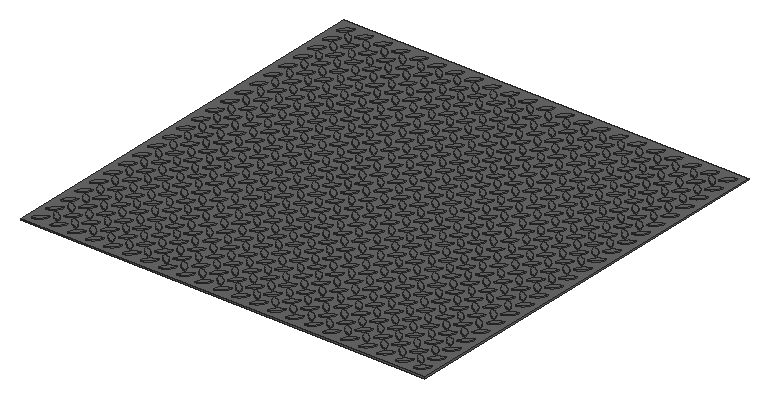
Revit family "141012021113804", category Modelos genéricos, Revit 2018 (continued)
Forms (mm)
  Blend 916, solid, material "Goma negro" <- "Material", detail levels fine
    base sketch origin (133.555, 1250.994, 0) x (0.707107, -0.707107, 0) y (0.707107, 0.707107, 0)
      loop
        arc (794.539, -324.327) -> (799.889, -307.273) -> (794.539, -290.22) r 29.852
        arc (794.539, -290.22) -> (793.684, -289.773) -> (792.83, -290.22) r 1.041
    top sketch origin (133.555, 1250.994, 0) x (0.707107, -0.707107, 0) y (0.707107, 0.707107, 0)
      loop
        arc (792.83, -290.22) -> (787.479, -307.273) -> (792.83, -324.327) r 29.852
        arc (792.83, -324.327) -> (793.684, -324.773) -> (794.539, -324.327) r 1.041
        arc (794.539, -324.327) -> (799.889, -307.273) -> (794.539, -290.22) r 29.852
        arc (794.539, -290.22) -> (793.684, -289.773) -> (792.83, -290.22) r 1.041
    from 0 to 1
  Blend 917, solid, material "Goma negro" <- "Material", detail levels fine
    base sketch origin (88.555, 1250.994, 0) x (0.707107, -0.707107, 0) y (0.707107, 0.707107, 0)
      loop
        arc (792.83, -290.22) -> (787.479, -307.273) -> (792.83, -324.327) r 29.852
        arc (792.83, -324.327) -> (793.684, -324.773) -> (794.539, -324.327) r 1.041
        arc (794.539, -324.327) -> (799.889, -307.273) -> (794.539, -290.22) r 29.852
        arc (794.539, -290.22) -> (793.684, -289.773) -> (792.83, -290.22) r 1.041
    top sketch origin (88.555, 1250.994, 0) x (0.707107, -0.707107, 0) y (0.707107, 0.707107, 0)
      loop
        arc (792.83, -290.22) -> (787.479, -307.273) -> (792.83, -324.327) r 29.852
        arc (792.83, -324.327) -> (793.684, -324.773) -> (794.539, -324.327) r 1.041
        arc (794.539, -324.327) -> (799.889, -307.273) -> (794.539, -290.22) r 29.852
        arc (794.539, -290.22) -> (793.684, -289.773) -> (792.83, -290.22) r 1.041
    from 0 to 1
  Blend 918, solid, material "Goma negro" <- "Material", detail levels fine
    base sketch origin (43.555, 1250.994, 0) x (0.707107, -0.707107, 0) y (0.707107, 0.707107, 0)
      loop
        arc (792.83, -290.22) -> (787.479, -307.273) -> (792.83, -324.327) r 29.852
        arc (792.83, -324.327) -> (793.684, -324.773) -> (794.539, -324.327) r 1.041
        arc (794.539, -324.327) -> (799.889, -307.273) -> (794.539, -290.22) r 29.852
        arc (794.539, -290.22) -> (793.684, -289.773) -> (792.83, -290.22) r 1.041
    top sketch origin (43.555, 1250.994, 0) x (0.707107, -0.707107, 0) y (0.707107, 0.707107, 0)
      loop
        arc (792.83, -290.22) -> (787.479, -307.273) -> (792.83, -324.327) r 29.852
        arc (792.83, -324.327) -> (793.684, -324.773) -> (794.539, -324.327) r 1.041
        arc (794.539, -324.327) -> (799.889, -307.273) -> (794.539, -290.22) r 29.852
        arc (794.539, -290.22) -> (793.684, -289.773) -> (792.83, -290.22) r 1.041
    from 0 to 1
  Blend 919, solid, material "Goma negro" <- "Material", detail levels fine
    base sketch origin (-1.445, 1250.994, 0) x (0.707107, -0.707107, 0) y (0.707107, 0.707107, 0)
      loop
        arc (792.83, -290.22) -> (787.479, -307.273) -> (792.83, -324.327) r 29.852
        arc (792.83, -324.327) -> (793.684, -324.773) -> (794.539, -324.327) r 1.041
        arc (794.539, -324.327) -> (799.889, -307.273) -> (794.539, -290.22) r 29.852
        arc (794.539, -290.22) -> (793.684, -289.773) -> (792.83, -290.22) r 1.041
    top sketch origin (-1.445, 1250.994, 0) x (0.707107, -0.707107, 0) y (0.707107, 0.707107, 0)
      loop
        arc (792.83, -290.22) -> (787.479, -307.273) -> (792.83, -324.327) r 29.852
        arc (792.83, -324.327) -> (793.684, -324.773) -> (794.539, -324.327) r 1.041
        arc (794.539, -324.327) -> (799.889, -307.273) -> (794.539, -290.22) r 29.852
        arc (794.539, -290.22) -> (793.684, -289.773) -> (792.83, -290.22) r 1.041
    from 0 to 1
  Blend 920, solid, material "Goma negro" <- "Material", detail levels fine
    base sketch origin (-46.445, 1250.994, 0) x (0.707107, -0.707107, 0) y (0.707107, 0.707107, 0)
      loop
        arc (792.83, -290.22) -> (787.479, -307.273) -> (792.83, -324.327) r 29.852
        arc (792.83, -324.327) -> (793.684, -324.773) -> (794.539, -324.327) r 1.041
        arc (794.539, -324.327) -> (799.889, -307.273) -> (794.539, -290.22) r 29.852
        arc (794.539, -290.22) -> (793.684, -289.773) -> (792.83, -290.22) r 1.041
    top sketch origin (-46.445, 1250.994, 0) x (0.707107, -0.707107, 0) y (0.707107, 0.707107, 0)
      loop
        arc (792.83, -290.22) -> (787.479, -307.273) -> (792.83, -324.327) r 29.852
        arc (792.83, -324.327) -> (793.684, -324.773) -> (794.539, -324.327) r 1.041
        arc (794.539, -324.327) -> (799.889, -307.273) -> (794.539, -290.22) r 29.852
        arc (794.539, -290.22) -> (793.684, -289.773) -> (792.83, -290.22) r 1.041
    from 0 to 1
  Blend 921, solid, material "Goma negro" <- "Material", detail levels fine
    base sketch origin (-91.445, 1250.994, 0) x (0.707107, -0.707107, 0) y (0.707107, 0.707107, 0)
      loop
        arc (792.83, -290.22) -> (787.479, -307.273) -> (792.83, -324.327) r 29.852
        arc (792.83, -324.327) -> (793.684, -324.773) -> (794.539, -324.327) r 1.041
        arc (794.539, -324.327) -> (799.889, -307.273) -> (794.539, -290.22) r 29.852
        arc (794.539, -290.22) -> (793.684, -289.773) -> (792.83, -290.22) r 1.041
    top sketch origin (-91.445, 1250.994, 0) x (0.707107, -0.707107, 0) y (0.707107, 0.707107, 0)
      loop
        arc (792.83, -290.22) -> (787.479, -307.273) -> (792.83, -324.327) r 29.852
        arc (792.83, -324.327) -> (793.684, -324.773) -> (794.539, -324.327) r 1.041
        arc (794.539, -324.327) -> (799.889, -307.273) -> (794.539, -290.22) r 29.852
        arc (794.539, -290.22) -> (793.684, -289.773) -> (792.83, -290.22) r 1.041
    from 0 to 1
  Blend 922, solid, material "Goma negro" <- "Material", detail levels fine
    base sketch origin (-136.445, 1250.994, 0) x (0.707107, -0.707107, 0) y (0.707107, 0.707107, 0)
      loop
        arc (792.83, -290.22) -> (787.479, -307.273) -> (792.83, -324.327) r 29.852
        arc (792.83, -324.327) -> (793.684, -324.773) -> (794.539, -324.327) r 1.041
        arc (794.539, -324.327) -> (799.889, -307.273) -> (794.539, -290.22) r 29.852
        arc (794.539, -290.22) -> (793.684, -289.773) -> (792.83, -290.22) r 1.041
    top sketch origin (-136.445, 1250.994, 0) x (0.707107, -0.707107, 0) y (0.707107, 0.707107, 0)
      loop
        arc (792.83, -290.22) -> (787.479, -307.273) -> (792.83, -324.327) r 29.852
        arc (792.83, -324.327) -> (793.684, -324.773) -> (794.539, -324.327) r 1.041
        arc (794.539, -324.327) -> (799.889, -307.273) -> (794.539, -290.22) r 29.852
        arc (794.539, -290.22) -> (793.684, -289.773) -> (792.83, -290.22) r 1.041
    from 0 to 1
  Blend 923, solid, material "Goma negro" <- "Material", detail levels fine
    base sketch origin (-181.445, 1250.994, 0) x (0.707107, -0.707107, 0) y (0.707107, 0.707107, 0)
      loop
        arc (792.83, -290.22) -> (787.479, -307.273) -> (792.83, -324.327) r 29.852
        arc (792.83, -324.327) -> (793.684, -324.773) -> (794.539, -324.327) r 1.041
        arc (794.539, -324.327) -> (799.889, -307.273) -> (794.539, -290.22) r 29.852
        arc (794.539, -290.22) -> (793.684, -289.773) -> (792.83, -290.22) r 1.041
    top sketch origin (-181.445, 1250.994, 0) x (0.707107, -0.707107, 0) y (0.707107, 0.707107, 0)
      loop
        arc (792.83, -290.22) -> (787.479, -307.273) -> (792.83, -324.327) r 29.852
        arc (792.83, -324.327) -> (793.684, -324.773) -> (794.539, -324.327) r 1.041
        arc (794.539, -324.327) -> (799.889, -307.273) -> (794.539, -290.22) r 29.852
        arc (794.539, -290.22) -> (793.684, -289.773) -> (792.83, -290.22) r 1.041
    from 0 to 1
  Blend 924, solid, material "Goma negro" <- "Material", detail levels fine
    base sketch origin (-226.445, 1250.994, 0) x (0.707107, -0.707107, 0) y (0.707107, 0.707107, 0)
      loop
        arc (792.83, -290.22) -> (787.479, -307.273) -> (792.83, -324.327) r 29.852
        arc (792.83, -324.327) -> (793.684, -324.773) -> (794.539, -324.327) r 1.041
        arc (794.539, -324.327) -> (799.889, -307.273) -> (794.539, -290.22) r 29.852
        arc (794.539, -290.22) -> (793.684, -289.773) -> (792.83, -290.22) r 1.041
    top sketch origin (-226.445, 1250.994, 0) x (0.707107, -0.707107, 0) y (0.707107, 0.707107, 0)
      loop
        arc (792.83, -290.22) -> (787.479, -307.273) -> (792.83, -324.327) r 29.852
        arc (792.83, -324.327) -> (793.684, -324.773) -> (794.539, -324.327) r 1.041
        arc (794.539, -324.327) -> (799.889, -307.273) -> (794.539, -290.22) r 29.852
        arc (794.539, -290.22) -> (793.684, -289.773) -> (792.83, -290.22) r 1.041
    from 0 to 1
  Blend 925, solid, material "Goma negro" <- "Material", detail levels fine
    base sketch origin (-271.445, 1250.994, 0) x (0.707107, -0.707107, 0) y (0.707107, 0.707107, 0)
      loop
        arc (792.83, -290.22) -> (787.479, -307.273) -> (792.83, -324.327) r 29.852
        arc (792.83, -324.327) -> (793.684, -324.773) -> (794.539, -324.327) r 1.041
        arc (794.539, -324.327) -> (799.889, -307.273) -> (794.539, -290.22) r 29.852
        arc (794.539, -290.22) -> (793.684, -289.773) -> (792.83, -290.22) r 1.041
    top sketch origin (-271.445, 1250.994, 0) x (0.707107, -0.707107, 0) y (0.707107, 0.707107, 0)
      loop
        arc (792.83, -290.22) -> (787.479, -307.273) -> (792.83, -324.327) r 29.852
        arc (792.83, -324.327) -> (793.684, -324.773) -> (794.539, -324.327) r 1.041
        arc (794.539, -324.327) -> (799.889, -307.273) -> (794.539, -290.22) r 29.852
        arc (794.539, -290.22) -> (793.684, -289.773) -> (792.83, -290.22) r 1.041
    from 0 to 1
  Blend 926, solid, material "Goma negro" <- "Material", detail levels fine
    base sketch origin (-316.445, 1250.994, 0) x (0.707107, -0.707107, 0) y (0.707107, 0.707107, 0)
      loop
        arc (792.83, -290.22) -> (787.479, -307.273) -> (792.83, -324.327) r 29.852
        arc (792.83, -324.327) -> (793.684, -324.773) -> (794.539, -324.327) r 1.041
        arc (794.539, -324.327) -> (799.889, -307.273) -> (794.539, -290.22) r 29.852
        arc (794.539, -290.22) -> (793.684, -289.773) -> (792.83, -290.22) r 1.041
    top sketch origin (-316.445, 1250.994, 0) x (0.707107, -0.707107, 0) y (0.707107, 0.707107, 0)
      loop
        arc (792.83, -290.22) -> (787.479, -307.273) -> (792.83, -324.327) r 29.852
        arc (792.83, -324.327) -> (793.684, -324.773) -> (794.539, -324.327) r 1.041
        arc (794.539, -324.327) -> (799.889, -307.273) -> (794.539, -290.22) r 29.852
        arc (794.539, -290.22) -> (793.684, -289.773) -> (792.83, -290.22) r 1.041
    from 0 to 1
Dimensions and locks
  level to plane 4 = 8.00 mm
  equal spacing: plane 6 "3", plane 1 "Center F/B", plane 5 "2"
  "Largo": plane 6 "3" to plane 5 "2"
  "Dimension": plane 7 to plane 3 "Center L/R"
  "Espesor": plane 2 to Extrusion 1 sketch curve
  aligned and locked: plane 6 "3" to Extrusion 1
  aligned and locked: Extrusion 1 to plane 5 "2"
  aligned and locked: Extrusion 1 sketch curve to plane 3 "Center L/R"
  aligned and locked: Extrusion 1 sketch curve to plane 7
Automatic sketch dimensions
  Blend 2 sketch curve to Blend 2 sketch curve = 23.647 mm  (x6)
  Blend 2 sketch curve to Blend 2 sketch curve = 16.459 mm  (x6)
  Blend 2 sketch curve to Blend 2 sketch curve = 0.855 mm  (x2)
  Blend 2 sketch curve to Blend 2 sketch curve = 0.00 mm  (x6)
  Blend 3 sketch curve to Blend 3 sketch curve = 23.647 mm  (x6)
  Blend 3 sketch curve to Blend 3 sketch curve = 16.459 mm  (x6)
  Blend 3 sketch curve to Blend 3 sketch curve = 0.855 mm  (x2)
  Blend 3 sketch curve to Blend 3 sketch curve = 0.00 mm  (x6)
  Blend 4 sketch curve to Blend 4 sketch curve = 23.647 mm  (x6)
  Blend 4 sketch curve to Blend 4 sketch curve = 16.459 mm  (x6)
  Blend 4 sketch curve to Blend 4 sketch curve = 0.855 mm  (x2)
  Blend 4 sketch curve to Blend 4 sketch curve = 0.00 mm  (x6)
  Blend 5 sketch curve to Blend 5 sketch curve = 23.647 mm  (x6)
  Blend 5 sketch curve to Blend 5 sketch curve = 16.459 mm  (x6)
  Blend 5 sketch curve to Blend 5 sketch curve = 0.855 mm  (x2)
  Blend 5 sketch curve to Blend 5 sketch curve = 0.00 mm  (x6)
  Blend 6 sketch curve to Blend 6 sketch curve = 23.647 mm  (x6)
  Blend 6 sketch curve to Blend 6 sketch curve = 16.459 mm  (x6)
  Blend 6 sketch curve to Blend 6 sketch curve = 0.855 mm  (x2)
  Blend 6 sketch curve to Blend 6 sketch curve = 0.00 mm  (x6)
  Blend 7 sketch curve to Blend 7 sketch curve = 23.647 mm  (x6)
  Blend 7 sketch curve to Blend 7 sketch curve = 16.459 mm  (x6)
  Blend 7 sketch curve to Blend 7 sketch curve = 0.855 mm  (x2)
  Blend 7 sketch curve to Blend 7 sketch curve = 0.00 mm  (x6)
  Blend 8 sketch curve to Blend 8 sketch curve = 23.647 mm  (x6)
  Blend 8 sketch curve to Blend 8 sketch curve = 16.459 mm  (x6)
  Blend 8 sketch curve to Blend 8 sketch curve = 0.855 mm  (x2)
  Blend 8 sketch curve to Blend 8 sketch curve = 0.00 mm  (x6)
  Blend 9 sketch curve to Blend 9 sketch curve = 23.647 mm  (x6)
  Blend 9 sketch curve to Blend 9 sketch curve = 16.459 mm  (x6)
  Blend 9 sketch curve to Blend 9 sketch curve = 0.855 mm  (x2)
  Blend 9 sketch curve to Blend 9 sketch curve = 0.00 mm  (x6)
  Blend 10 sketch curve to Blend 10 sketch curve = 23.647 mm  (x6)
  Blend 10 sketch curve to Blend 10 sketch curve = 16.459 mm  (x6)
  Blend 10 sketch curve to Blend 10 sketch curve = 0.855 mm  (x2)
  Blend 10 sketch curve to Blend 10 sketch curve = 0.00 mm  (x6)
  Blend 11 sketch curve to Blend 11 sketch curve = 23.647 mm  (x6)
  Blend 11 sketch curve to Blend 11 sketch curve = 16.459 mm  (x6)
  Blend 11 sketch curve to Blend 11 sketch curve = 0.855 mm  (x2)
  Blend 11 sketch curve to Blend 11 sketch curve = 0.00 mm  (x6)
  Blend 12 sketch curve to Blend 12 sketch curve = 23.647 mm  (x6)
  Blend 12 sketch curve to Blend 12 sketch curve = 16.459 mm  (x6)
  Blend 12 sketch curve to Blend 12 sketch curve = 0.855 mm  (x2)
  Blend 12 sketch curve to Blend 12 sketch curve = 0.00 mm  (x6)
  Blend 13 sketch curve to Blend 13 sketch curve = 23.647 mm  (x6)
  Blend 13 sketch curve to Blend 13 sketch curve = 16.459 mm  (x6)
  Blend 13 sketch curve to Blend 13 sketch curve = 0.855 mm  (x2)
  Blend 13 sketch curve to Blend 13 sketch curve = 0.00 mm  (x6)
  Blend 14 sketch curve to Blend 14 sketch curve = 23.647 mm  (x6)
  Blend 14 sketch curve to Blend 14 sketch curve = 16.459 mm  (x6)
  Blend 14 sketch curve to Blend 14 sketch curve = 0.855 mm  (x2)
  Blend 14 sketch curve to Blend 14 sketch curve = 0.00 mm  (x6)
  Blend 15 sketch curve to Blend 15 sketch curve = 23.647 mm  (x6)
  Blend 15 sketch curve to Blend 15 sketch curve = 16.459 mm  (x6)
  Blend 15 sketch curve to Blend 15 sketch curve = 0.855 mm  (x2)
  Blend 15 sketch curve to Blend 15 sketch curve = 0.00 mm  (x6)
  Blend 16 sketch curve to Blend 16 sketch curve = 23.647 mm  (x6)
  Blend 16 sketch curve to Blend 16 sketch curve = 16.459 mm  (x6)
  Blend 16 sketch curve to Blend 16 sketch curve = 0.855 mm  (x2)
  Blend 16 sketch curve to Blend 16 sketch curve = 0.00 mm  (x6)
  Blend 17 sketch curve to Blend 17 sketch curve = 23.647 mm  (x6)
  Blend 17 sketch curve to Blend 17 sketch curve = 16.459 mm  (x6)
  Blend 17 sketch curve to Blend 17 sketch curve = 0.855 mm  (x2)
  Blend 17 sketch curve to Blend 17 sketch curve = 0.00 mm  (x6)
  Blend 18 sketch curve to Blend 18 sketch curve = 23.647 mm  (x6)
  Blend 18 sketch curve to Blend 18 sketch curve = 16.459 mm  (x6)
  Blend 18 sketch curve to Blend 18 sketch curve = 0.855 mm  (x2)
  Blend 18 sketch curve to Blend 18 sketch curve = 0.00 mm  (x6)
  Blend 19 sketch curve to Blend 19 sketch curve = 23.647 mm  (x6)
  Blend 19 sketch curve to Blend 19 sketch curve = 16.459 mm  (x6)
  Blend 19 sketch curve to Blend 19 sketch curve = 0.855 mm  (x2)
  Blend 19 sketch curve to Blend 19 sketch curve = 0.00 mm  (x6)
  Blend 20 sketch curve to Blend 20 sketch curve = 23.647 mm  (x6)
  Blend 20 sketch curve to Blend 20 sketch curve = 16.459 mm  (x6)
  Blend 20 sketch curve to Blend 20 sketch curve = 0.855 mm  (x2)
  Blend 20 sketch curve to Blend 20 sketch curve = 0.00 mm  (x6)
  Blend 21 sketch curve to Blend 21 sketch curve = 23.647 mm  (x6)
  Blend 21 sketch curve to Blend 21 sketch curve = 16.459 mm  (x6)
  Blend 21 sketch curve to Blend 21 sketch curve = 0.855 mm  (x2)
  Blend 21 sketch curve to Blend 21 sketch curve = 0.00 mm  (x6)
  Blend 22 sketch curve to Blend 22 sketch curve = 23.647 mm  (x6)
  Blend 22 sketch curve to Blend 22 sketch curve = 16.459 mm  (x6)
  Blend 22 sketch curve to Blend 22 sketch curve = 0.855 mm  (x2)
  Blend 22 sketch curve to Blend 22 sketch curve = 0.00 mm  (x6)
  Blend 23 sketch curve to Blend 23 sketch curve = 23.647 mm  (x6)
  Blend 23 sketch curve to Blend 23 sketch curve = 16.459 mm  (x6)
  Blend 23 sketch curve to Blend 23 sketch curve = 0.855 mm  (x2)
  Blend 23 sketch curve to Blend 23 sketch curve = 0.00 mm  (x6)
  Blend 24 sketch curve to Blend 24 sketch curve = 23.647 mm  (x6)
  Blend 24 sketch curve to Blend 24 sketch curve = 16.459 mm  (x6)
  Blend 24 sketch curve to Blend 24 sketch curve = 0.855 mm  (x2)
  Blend 24 sketch curve to Blend 24 sketch curve = 0.00 mm  (x6)
  Blend 25 sketch curve to Blend 25 sketch curve = 23.647 mm  (x6)
  Blend 25 sketch curve to Blend 25 sketch curve = 16.459 mm  (x6)
  Blend 25 sketch curve to Blend 25 sketch curve = 0.855 mm  (x2)
  Blend 25 sketch curve to Blend 25 sketch curve = 0.00 mm  (x6)
  Blend 26 sketch curve to Blend 26 sketch curve = 23.647 mm  (x6)
  Blend 26 sketch curve to Blend 26 sketch curve = 16.459 mm  (x6)
  Blend 26 sketch curve to Blend 26 sketch curve = 0.855 mm  (x2)
  Blend 26 sketch curve to Blend 26 sketch curve = 0.00 mm  (x6)
  Blend 27 sketch curve to Blend 27 sketch curve = 23.647 mm  (x6)
  Blend 27 sketch curve to Blend 27 sketch curve = 16.459 mm  (x6)
  Blend 27 sketch curve to Blend 27 sketch curve = 0.855 mm  (x2)
  Blend 27 sketch curve to Blend 27 sketch curve = 0.00 mm  (x6)
  Blend 28 sketch curve to Blend 28 sketch curve = 23.647 mm  (x6)
  Blend 28 sketch curve to Blend 28 sketch curve = 16.459 mm  (x6)
  Blend 28 sketch curve to Blend 28 sketch curve = 0.855 mm  (x2)
  Blend 28 sketch curve to Blend 28 sketch curve = 0.00 mm  (x6)
  Blend 29 sketch curve to Blend 29 sketch curve = 23.647 mm  (x6)
  Blend 29 sketch curve to Blend 29 sketch curve = 16.459 mm  (x6)
  Blend 29 sketch curve to Blend 29 sketch curve = 0.855 mm  (x2)
  Blend 29 sketch curve to Blend 29 sketch curve = 0.00 mm  (x6)
  Blend 30 sketch curve to Blend 30 sketch curve = 23.647 mm  (x6)
  Blend 30 sketch curve to Blend 30 sketch curve = 16.459 mm  (x6)
  Blend 30 sketch curve to Blend 30 sketch curve = 0.855 mm  (x2)
  Blend 30 sketch curve to Blend 30 sketch curve = 0.00 mm  (x6)
  Blend 31 sketch curve to Blend 31 sketch curve = 23.647 mm  (x6)
  Blend 31 sketch curve to Blend 31 sketch curve = 16.459 mm  (x6)
  Blend 31 sketch curve to Blend 31 sketch curve = 0.855 mm  (x2)
  Blend 31 sketch curve to Blend 31 sketch curve = 0.00 mm  (x6)
  Blend 32 sketch curve to Blend 32 sketch curve = 23.647 mm  (x6)
  Blend 32 sketch curve to Blend 32 sketch curve = 16.459 mm  (x6)
  Blend 32 sketch curve to Blend 32 sketch curve = 0.855 mm  (x2)
  Blend 32 sketch curve to Blend 32 sketch curve = 0.00 mm  (x6)
  Blend 33 sketch curve to Blend 33 sketch curve = 23.647 mm  (x6)
  Blend 33 sketch curve to Blend 33 sketch curve = 16.459 mm  (x6)
  Blend 33 sketch curve to Blend 33 sketch curve = 0.855 mm  (x2)
  Blend 33 sketch curve to Blend 33 sketch curve = 0.00 mm  (x6)
  Blend 34 sketch curve to Blend 34 sketch curve = 23.647 mm  (x6)
  Blend 34 sketch curve to Blend 34 sketch curve = 16.459 mm  (x6)
  Blend 34 sketch curve to Blend 34 sketch curve = 0.855 mm  (x2)
  Blend 34 sketch curve to Blend 34 sketch curve = 0.00 mm  (x6)
  Blend 35 sketch curve to Blend 35 sketch curve = 23.647 mm  (x6)
  Blend 35 sketch curve to Blend 35 sketch curve = 16.459 mm  (x6)
  Blend 35 sketch curve to Blend 35 sketch curve = 0.855 mm  (x2)
  Blend 35 sketch curve to Blend 35 sketch curve = 0.00 mm  (x6)
  Blend 36 sketch curve to Blend 36 sketch curve = 23.647 mm  (x6)
  Blend 36 sketch curve to Blend 36 sketch curve = 16.459 mm  (x6)
  Blend 36 sketch curve to Blend 36 sketch curve = 0.855 mm  (x2)
  Blend 36 sketch curve to Blend 36 sketch curve = 0.00 mm  (x6)
  Blend 37 sketch curve to Blend 37 sketch curve = 23.647 mm  (x6)
  Blend 37 sketch curve to Blend 37 sketch curve = 16.459 mm  (x6)
  Blend 37 sketch curve to Blend 37 sketch curve = 0.855 mm  (x2)
  Blend 37 sketch curve to Blend 37 sketch curve = 0.00 mm  (x6)
  Blend 38 sketch curve to Blend 38 sketch curve = 23.647 mm  (x6)
  Blend 38 sketch curve to Blend 38 sketch curve = 16.459 mm  (x6)
  Blend 38 sketch curve to Blend 38 sketch curve = 0.855 mm  (x2)
  Blend 38 sketch curve to Blend 38 sketch curve = 0.00 mm  (x6)
  Blend 39 sketch curve to Blend 39 sketch curve = 23.647 mm  (x6)
  Blend 39 sketch curve to Blend 39 sketch curve = 16.459 mm  (x6)
  Blend 39 sketch curve to Blend 39 sketch curve = 0.855 mm  (x2)
  Blend 39 sketch curve to Blend 39 sketch curve = 0.00 mm  (x6)
  Blend 40 sketch curve to Blend 40 sketch curve = 23.647 mm  (x6)
  Blend 40 sketch curve to Blend 40 sketch curve = 16.459 mm  (x6)
  Blend 40 sketch curve to Blend 40 sketch curve = 0.855 mm  (x2)
  Blend 40 sketch curve to Blend 40 sketch curve = 0.00 mm  (x6)
  Blend 41 sketch curve to Blend 41 sketch curve = 23.647 mm  (x6)
  Blend 41 sketch curve to Blend 41 sketch curve = 16.459 mm  (x6)
  Blend 41 sketch curve to Blend 41 sketch curve = 0.855 mm  (x2)
  Blend 41 sketch curve to Blend 41 sketch curve = 0.00 mm  (x6)
  Blend 42 sketch curve to Blend 42 sketch curve = 23.647 mm  (x6)
  Blend 42 sketch curve to Blend 42 sketch curve = 16.459 mm  (x6)
  Blend 42 sketch curve to Blend 42 sketch curve = 0.855 mm  (x2)
  Blend 42 sketch curve to Blend 42 sketch curve = 0.00 mm  (x6)
  Blend 43 sketch curve to Blend 43 sketch curve = 23.647 mm  (x6)
  Blend 43 sketch curve to Blend 43 sketch curve = 16.459 mm  (x6)
  Blend 43 sketch curve to Blend 43 sketch curve = 0.855 mm  (x2)
  Blend 43 sketch curve to Blend 43 sketch curve = 0.00 mm  (x6)
  Blend 44 sketch curve to Blend 44 sketch curve = 23.647 mm  (x6)
  Blend 44 sketch curve to Blend 44 sketch curve = 16.459 mm  (x6)
  Blend 44 sketch curve to Blend 44 sketch curve = 0.855 mm  (x2)
  Blend 44 sketch curve to Blend 44 sketch curve = 0.00 mm  (x6)
  Blend 45 sketch curve to Blend 45 sketch curve = 23.647 mm  (x6)
  Blend 45 sketch curve to Blend 45 sketch curve = 16.459 mm  (x6)
  Blend 45 sketch curve to Blend 45 sketch curve = 0.855 mm  (x2)
  Blend 45 sketch curve to Blend 45 sketch curve = 0.00 mm  (x6)
  Blend 46 sketch curve to Blend 46 sketch curve = 23.647 mm  (x6)
  Blend 46 sketch curve to Blend 46 sketch curve = 16.459 mm  (x6)
  Blend 46 sketch curve to Blend 46 sketch curve = 0.855 mm  (x2)
  Blend 46 sketch curve to Blend 46 sketch curve = 0.00 mm  (x6)
  Blend 47 sketch curve to Blend 47 sketch curve = 23.647 mm  (x6)
  Blend 47 sketch curve to Blend 47 sketch curve = 16.459 mm  (x6)
  Blend 47 sketch curve to Blend 47 sketch curve = 0.855 mm  (x2)
  Blend 47 sketch curve to Blend 47 sketch curve = 0.00 mm  (x6)
  Blend 48 sketch curve to Blend 48 sketch curve = 23.647 mm  (x6)
  Blend 48 sketch curve to Blend 48 sketch curve = 16.459 mm  (x6)
  Blend 48 sketch curve to Blend 48 sketch curve = 0.855 mm  (x2)
  Blend 48 sketch curve to Blend 48 sketch curve = 0.00 mm  (x6)
  Blend 49 sketch curve to Blend 49 sketch curve = 23.647 mm  (x6)
  Blend 49 sketch curve to Blend 49 sketch curve = 16.459 mm  (x6)
  Blend 49 sketch curve to Blend 49 sketch curve = 0.855 mm  (x2)
  Blend 49 sketch curve to Blend 49 sketch curve = 0.00 mm  (x6)
  Blend 50 sketch curve to Blend 50 sketch curve = 23.647 mm  (x6)
  Blend 50 sketch curve to Blend 50 sketch curve = 16.459 mm  (x6)
  Blend 50 sketch curve to Blend 50 sketch curve = 0.855 mm  (x2)
  Blend 50 sketch curve to Blend 50 sketch curve = 0.00 mm  (x6)
  Blend 51 sketch curve to Blend 51 sketch curve = 23.647 mm  (x6)
  Blend 51 sketch curve to Blend 51 sketch curve = 16.459 mm  (x6)
  Blend 51 sketch curve to Blend 51 sketch curve = 0.855 mm  (x2)
  Blend 51 sketch curve to Blend 51 sketch curve = 0.00 mm  (x6)
  Blend 52 sketch curve to Blend 52 sketch curve = 23.647 mm  (x6)
  Blend 52 sketch curve to Blend 52 sketch curve = 16.459 mm  (x6)
  Blend 52 sketch curve to Blend 52 sketch curve = 0.855 mm  (x2)
  Blend 52 sketch curve to Blend 52 sketch curve = 0.00 mm  (x6)
  Blend 53 sketch curve to Blend 53 sketch curve = 23.647 mm  (x6)
  Blend 53 sketch curve to Blend 53 sketch curve = 16.459 mm  (x6)
  Blend 53 sketch curve to Blend 53 sketch curve = 0.855 mm  (x2)
  Blend 53 sketch curve to Blend 53 sketch curve = 0.00 mm  (x6)
  Blend 54 sketch curve to Blend 54 sketch curve = 23.647 mm  (x6)
  Blend 54 sketch curve to Blend 54 sketch curve = 16.459 mm  (x6)
  Blend 54 sketch curve to Blend 54 sketch curve = 0.855 mm  (x2)
  Blend 54 sketch curve to Blend 54 sketch curve = 0.00 mm  (x6)
  Blend 55 sketch curve to Blend 55 sketch curve = 23.647 mm  (x6)
  Blend 55 sketch curve to Blend 55 sketch curve = 16.459 mm  (x6)
  Blend 55 sketch curve to Blend 55 sketch curve = 0.855 mm  (x2)
  Blend 55 sketch curve to Blend 55 sketch curve = 0.00 mm  (x6)
  Blend 56 sketch curve to Blend 56 sketch curve = 23.647 mm  (x6)
  Blend 56 sketch curve to Blend 56 sketch curve = 16.459 mm  (x6)
  Blend 56 sketch curve to Blend 56 sketch curve = 0.855 mm  (x2)
  Blend 56 sketch curve to Blend 56 sketch curve = 0.00 mm  (x6)
  Blend 57 sketch curve to Blend 57 sketch curve = 23.647 mm  (x6)
  Blend 57 sketch curve to Blend 57 sketch curve = 16.459 mm  (x6)
  Blend 57 sketch curve to Blend 57 sketch curve = 0.855 mm  (x2)
  Blend 57 sketch curve to Blend 57 sketch curve = 0.00 mm  (x6)
  Blend 58 sketch curve to Blend 58 sketch curve = 23.647 mm  (x6)
  Blend 58 sketch curve to Blend 58 sketch curve = 16.459 mm  (x6)
  Blend 58 sketch curve to Blend 58 sketch curve = 0.855 mm  (x2)
  Blend 58 sketch curve to Blend 58 sketch curve = 0.00 mm  (x6)
  Blend 59 sketch curve to Blend 59 sketch curve = 23.647 mm  (x6)
  Blend 59 sketch curve to Blend 59 sketch curve = 16.459 mm  (x6)
  Blend 59 sketch curve to Blend 59 sketch curve = 0.855 mm  (x2)
  Blend 59 sketch curve to Blend 59 sketch curve = 0.00 mm  (x6)
  Blend 60 sketch curve to Blend 60 sketch curve = 23.647 mm  (x6)
  Blend 60 sketch curve to Blend 60 sketch curve = 16.459 mm  (x6)
  Blend 60 sketch curve to Blend 60 sketch curve = 0.855 mm  (x2)
  Blend 60 sketch curve to Blend 60 sketch curve = 0.00 mm  (x6)
  Blend 61 sketch curve to Blend 61 sketch curve = 23.647 mm  (x6)
  Blend 61 sketch curve to Blend 61 sketch curve = 16.459 mm  (x6)
  Blend 61 sketch curve to Blend 61 sketch curve = 0.855 mm  (x2)
  Blend 61 sketch curve to Blend 61 sketch curve = 0.00 mm  (x6)
  Blend 62 sketch curve to Blend 62 sketch curve = 23.647 mm  (x6)
  Blend 62 sketch curve to Blend 62 sketch curve = 16.459 mm  (x6)
  Blend 62 sketch curve to Blend 62 sketch curve = 0.855 mm  (x2)
  Blend 62 sketch curve to Blend 62 sketch curve = 0.00 mm  (x6)
  Blend 63 sketch curve to Blend 63 sketch curve = 23.647 mm  (x6)
  Blend 63 sketch curve to Blend 63 sketch curve = 16.459 mm  (x6)
  Blend 63 sketch curve to Blend 63 sketch curve = 0.855 mm  (x2)
  Blend 63 sketch curve to Blend 63 sketch curve = 0.00 mm  (x6)
  Blend 64 sketch curve to Blend 64 sketch curve = 23.647 mm  (x6)
  Blend 64 sketch curve to Blend 64 sketch curve = 16.459 mm  (x6)
  Blend 64 sketch curve to Blend 64 sketch curve = 0.855 mm  (x2)
  Blend 64 sketch curve to Blend 64 sketch curve = 0.00 mm  (x6)
  Blend 65 sketch curve to Blend 65 sketch curve = 23.647 mm  (x6)
  Blend 65 sketch curve to Blend 65 sketch curve = 16.459 mm  (x6)
  Blend 65 sketch curve to Blend 65 sketch curve = 0.855 mm  (x2)
  Blend 65 sketch curve to Blend 65 sketch curve = 0.00 mm  (x6)
  Blend 66 sketch curve to Blend 66 sketch curve = 23.647 mm  (x6)
  Blend 66 sketch curve to Blend 66 sketch curve = 16.459 mm  (x6)
  Blend 66 sketch curve to Blend 66 sketch curve = 0.855 mm  (x2)
  Blend 66 sketch curve to Blend 66 sketch curve = 0.00 mm  (x6)
  Blend 67 sketch curve to Blend 67 sketch curve = 23.647 mm  (x6)
  Blend 67 sketch curve to Blend 67 sketch curve = 16.459 mm  (x6)
  Blend 67 sketch curve to Blend 67 sketch curve = 0.855 mm  (x2)
  Blend 67 sketch curve to Blend 67 sketch curve = 0.00 mm  (x6)
  Blend 68 sketch curve to Blend 68 sketch curve = 23.647 mm  (x6)
  Blend 68 sketch curve to Blend 68 sketch curve = 16.459 mm  (x6)
  Blend 68 sketch curve to Blend 68 sketch curve = 0.855 mm  (x2)
  Blend 68 sketch curve to Blend 68 sketch curve = 0.00 mm  (x6)
  Blend 69 sketch curve to Blend 69 sketch curve = 23.647 mm  (x6)
  Blend 69 sketch curve to Blend 69 sketch curve = 16.459 mm  (x6)
  Blend 69 sketch curve to Blend 69 sketch curve = 0.855 mm  (x2)
  Blend 69 sketch curve to Blend 69 sketch curve = 0.00 mm  (x6)
  Blend 70 sketch curve to Blend 70 sketch curve = 23.647 mm  (x6)
  Blend 70 sketch curve to Blend 70 sketch curve = 16.459 mm  (x6)
  Blend 70 sketch curve to Blend 70 sketch curve = 0.855 mm  (x2)
  Blend 70 sketch curve to Blend 70 sketch curve = 0.00 mm  (x6)
  Blend 71 sketch curve to Blend 71 sketch curve = 23.647 mm  (x6)
  Blend 71 sketch curve to Blend 71 sketch curve = 16.459 mm  (x6)
  Blend 71 sketch curve to Blend 71 sketch curve = 0.855 mm  (x2)
  Blend 71 sketch curve to Blend 71 sketch curve = 0.00 mm  (x6)
  Blend 72 sketch curve to Blend 72 sketch curve = 23.647 mm  (x6)
  Blend 72 sketch curve to Blend 72 sketch curve = 16.459 mm  (x6)
  Blend 72 sketch curve to Blend 72 sketch curve = 0.855 mm  (x2)
  Blend 72 sketch curve to Blend 72 sketch curve = 0.00 mm  (x6)
  Blend 73 sketch curve to Blend 73 sketch curve = 23.647 mm  (x6)
  Blend 73 sketch curve to Blend 73 sketch curve = 16.459 mm  (x6)
  Blend 73 sketch curve to Blend 73 sketch curve = 0.855 mm  (x2)
  Blend 73 sketch curve to Blend 73 sketch curve = 0.00 mm  (x6)
  Blend 74 sketch curve to Blend 74 sketch curve = 23.647 mm  (x6)
  Blend 74 sketch curve to Blend 74 sketch curve = 16.459 mm  (x6)
  Blend 74 sketch curve to Blend 74 sketch curve = 0.855 mm  (x2)
  Blend 74 sketch curve to Blend 74 sketch curve = 0.00 mm  (x6)
  Blend 75 sketch curve to Blend 75 sketch curve = 23.647 mm  (x6)
  Blend 75 sketch curve to Blend 75 sketch curve = 16.459 mm  (x6)
  Blend 75 sketch curve to Blend 75 sketch curve = 0.855 mm  (x2)
  Blend 75 sketch curve to Blend 75 sketch curve = 0.00 mm  (x6)
  Blend 76 sketch curve to Blend 76 sketch curve = 23.647 mm  (x6)
  Blend 76 sketch curve to Blend 76 sketch curve = 16.459 mm  (x6)
  Blend 76 sketch curve to Blend 76 sketch curve = 0.855 mm  (x2)
  Blend 76 sketch curve to Blend 76 sketch curve = 0.00 mm  (x6)
  Blend 77 sketch curve to Blend 77 sketch curve = 23.647 mm  (x6)
  Blend 77 sketch curve to Blend 77 sketch curve = 16.459 mm  (x6)
  Blend 77 sketch curve to Blend 77 sketch curve = 0.855 mm  (x2)
  Blend 77 sketch curve to Blend 77 sketch curve = 0.00 mm  (x6)
  Blend 78 sketch curve to Blend 78 sketch curve = 23.647 mm  (x6)
  Blend 78 sketch curve to Blend 78 sketch curve = 16.459 mm  (x6)
  Blend 78 sketch curve to Blend 78 sketch curve = 0.855 mm  (x2)
  Blend 78 sketch curve to Blend 78 sketch curve = 0.00 mm  (x6)
  Blend 79 sketch curve to Blend 79 sketch curve = 23.647 mm  (x6)
  Blend 79 sketch curve to Blend 79 sketch curve = 16.459 mm  (x6)
  Blend 79 sketch curve to Blend 79 sketch curve = 0.855 mm  (x2)
  Blend 79 sketch curve to Blend 79 sketch curve = 0.00 mm  (x6)
  Blend 80 sketch curve to Blend 80 sketch curve = 23.647 mm  (x6)
  Blend 80 sketch curve to Blend 80 sketch curve = 16.459 mm  (x6)
  Blend 80 sketch curve to Blend 80 sketch curve = 0.855 mm  (x2)
  Blend 80 sketch curve to Blend 80 sketch curve = 0.00 mm  (x6)
  Blend 81 sketch curve to Blend 81 sketch curve = 23.647 mm  (x6)
  Blend 81 sketch curve to Blend 81 sketch curve = 16.459 mm  (x6)
  Blend 81 sketch curve to Blend 81 sketch curve = 0.855 mm  (x2)
  Blend 81 sketch curve to Blend 81 sketch curve = 0.00 mm  (x6)
  Blend 82 sketch curve to Blend 82 sketch curve = 23.647 mm  (x6)
  Blend 82 sketch curve to Blend 82 sketch curve = 16.459 mm  (x6)
  Blend 82 sketch curve to Blend 82 sketch curve = 0.855 mm  (x2)
  Blend 82 sketch curve to Blend 82 sketch curve = 0.00 mm  (x6)
  Blend 83 sketch curve to Blend 83 sketch curve = 23.647 mm  (x6)
  Blend 83 sketch curve to Blend 83 sketch curve = 16.459 mm  (x6)
  Blend 83 sketch curve to Blend 83 sketch curve = 0.855 mm  (x2)
  Blend 83 sketch curve to Blend 83 sketch curve = 0.00 mm  (x6)
  Blend 84 sketch curve to Blend 84 sketch curve = 23.647 mm  (x6)
  Blend 84 sketch curve to Blend 84 sketch curve = 16.459 mm  (x6)
  Blend 84 sketch curve to Blend 84 sketch curve = 0.855 mm  (x2)
  Blend 84 sketch curve to Blend 84 sketch curve = 0.00 mm  (x6)
  Blend 85 sketch curve to Blend 85 sketch curve = 23.647 mm  (x6)
  Blend 85 sketch curve to Blend 85 sketch curve = 16.459 mm  (x6)
  Blend 85 sketch curve to Blend 85 sketch curve = 0.855 mm  (x2)
  Blend 85 sketch curve to Blend 85 sketch curve = 0.00 mm  (x6)
  Blend 86 sketch curve to Blend 86 sketch curve = 23.647 mm  (x6)
  Blend 86 sketch curve to Blend 86 sketch curve = 16.459 mm  (x6)
  Blend 86 sketch curve to Blend 86 sketch curve = 0.855 mm  (x2)
  Blend 86 sketch curve to Blend 86 sketch curve = 0.00 mm  (x6)
  Blend 87 sketch curve to Blend 87 sketch curve = 23.647 mm  (x6)
  Blend 87 sketch curve to Blend 87 sketch curve = 16.459 mm  (x6)
  Blend 87 sketch curve to Blend 87 sketch curve = 0.855 mm  (x2)
  Blend 87 sketch curve to Blend 87 sketch curve = 0.00 mm  (x6)
  Blend 88 sketch curve to Blend 88 sketch curve = 23.647 mm  (x6)
  Blend 88 sketch curve to Blend 88 sketch curve = 16.459 mm  (x6)
  Blend 88 sketch curve to Blend 88 sketch curve = 0.855 mm  (x2)
  Blend 88 sketch curve to Blend 88 sketch curve = 0.00 mm  (x6)
  Blend 89 sketch curve to Blend 89 sketch curve = 23.647 mm  (x6)
  Blend 89 sketch curve to Blend 89 sketch curve = 16.459 mm  (x6)
  Blend 89 sketch curve to Blend 89 sketch curve = 0.855 mm  (x2)
  Blend 89 sketch curve to Blend 89 sketch curve = 0.00 mm  (x6)
  Blend 90 sketch curve to Blend 90 sketch curve = 23.647 mm  (x6)
  Blend 90 sketch curve to Blend 90 sketch curve = 16.459 mm  (x6)
  Blend 90 sketch curve to Blend 90 sketch curve = 0.855 mm  (x2)
  Blend 90 sketch curve to Blend 90 sketch curve = 0.00 mm  (x6)
  Blend 91 sketch curve to Blend 91 sketch curve = 23.647 mm  (x6)
  Blend 91 sketch curve to Blend 91 sketch curve = 16.459 mm  (x6)
  Blend 91 sketch curve to Blend 91 sketch curve = 0.855 mm  (x2)
  Blend 91 sketch curve to Blend 91 sketch curve = 0.00 mm  (x6)
  Blend 92 sketch curve to Blend 92 sketch curve = 23.647 mm  (x6)
  Blend 92 sketch curve to Blend 92 sketch curve = 16.459 mm  (x6)
  Blend 92 sketch curve to Blend 92 sketch curve = 0.855 mm  (x2)
  Blend 92 sketch curve to Blend 92 sketch curve = 0.00 mm  (x6)
  Blend 93 sketch curve to Blend 93 sketch curve = 23.647 mm  (x6)
  Blend 93 sketch curve to Blend 93 sketch curve = 16.459 mm  (x6)
  Blend 93 sketch curve to Blend 93 sketch curve = 0.855 mm  (x2)
  Blend 93 sketch curve to Blend 93 sketch curve = 0.00 mm  (x6)
  Blend 94 sketch curve to Blend 94 sketch curve = 23.647 mm  (x6)
  Blend 94 sketch curve to Blend 94 sketch curve = 16.459 mm  (x6)
  Blend 94 sketch curve to Blend 94 sketch curve = 0.855 mm  (x2)
  Blend 94 sketch curve to Blend 94 sketch curve = 0.00 mm  (x6)
  Blend 95 sketch curve to Blend 95 sketch curve = 23.647 mm  (x6)
  Blend 95 sketch curve to Blend 95 sketch curve = 16.459 mm  (x6)
  Blend 95 sketch curve to Blend 95 sketch curve = 0.855 mm  (x2)
  Blend 95 sketch curve to Blend 95 sketch curve = 0.00 mm  (x6)
  Blend 96 sketch curve to Blend 96 sketch curve = 23.647 mm  (x6)
  Blend 96 sketch curve to Blend 96 sketch curve = 16.459 mm  (x6)
  Blend 96 sketch curve to Blend 96 sketch curve = 0.855 mm  (x2)
  Blend 96 sketch curve to Blend 96 sketch curve = 0.00 mm  (x6)
  Blend 97 sketch curve to Blend 97 sketch curve = 23.647 mm  (x6)
  Blend 97 sketch curve to Blend 97 sketch curve = 16.459 mm  (x6)
  Blend 97 sketch curve to Blend 97 sketch curve = 0.855 mm  (x2)
  Blend 97 sketch curve to Blend 97 sketch curve = 0.00 mm  (x6)
  Blend 98 sketch curve to Blend 98 sketch curve = 23.647 mm  (x6)
  Blend 98 sketch curve to Blend 98 sketch curve = 16.459 mm  (x6)
  Blend 98 sketch curve to Blend 98 sketch curve = 0.855 mm  (x2)
  Blend 98 sketch curve to Blend 98 sketch curve = 0.00 mm  (x6)
  Blend 99 sketch curve to Blend 99 sketch curve = 23.647 mm  (x6)
  Blend 99 sketch curve to Blend 99 sketch curve = 16.459 mm  (x6)
  Blend 99 sketch curve to Blend 99 sketch curve = 0.855 mm  (x2)
  Blend 99 sketch curve to Blend 99 sketch curve = 0.00 mm  (x6)
  Blend 100 sketch curve to Blend 100 sketch curve = 23.647 mm  (x6)
  Blend 100 sketch curve to Blend 100 sketch curve = 16.459 mm  (x6)
  Blend 100 sketch curve to Blend 100 sketch curve = 0.855 mm  (x2)
  Blend 100 sketch curve to Blend 100 sketch curve = 0.00 mm  (x6)
  Blend 101 sketch curve to Blend 101 sketch curve = 23.647 mm  (x6)
  Blend 101 sketch curve to Blend 101 sketch curve = 16.459 mm  (x6)
  Blend 101 sketch curve to Blend 101 sketch curve = 0.855 mm  (x2)
  Blend 101 sketch curve to Blend 101 sketch curve = 0.00 mm  (x6)
  Blend 102 sketch curve to Blend 102 sketch curve = 23.647 mm  (x6)
  Blend 102 sketch curve to Blend 102 sketch curve = 16.459 mm  (x6)
  Blend 102 sketch curve to Blend 102 sketch curve = 0.855 mm  (x2)
  Blend 102 sketch curve to Blend 102 sketch curve = 0.00 mm  (x6)
  Blend 103 sketch curve to Blend 103 sketch curve = 23.647 mm  (x6)
  Blend 103 sketch curve to Blend 103 sketch curve = 16.459 mm  (x6)
  Blend 103 sketch curve to Blend 103 sketch curve = 0.855 mm  (x2)
  Blend 103 sketch curve to Blend 103 sketch curve = 0.00 mm  (x6)
  Blend 104 sketch curve to Blend 104 sketch curve = 23.647 mm  (x6)
  Blend 104 sketch curve to Blend 104 sketch curve = 16.459 mm  (x6)
  Blend 104 sketch curve to Blend 104 sketch curve = 0.855 mm  (x2)
  Blend 104 sketch curve to Blend 104 sketch curve = 0.00 mm  (x6)
  Blend 105 sketch curve to Blend 105 sketch curve = 23.647 mm  (x6)
  Blend 105 sketch curve to Blend 105 sketch curve = 16.459 mm  (x6)
  Blend 105 sketch curve to Blend 105 sketch curve = 0.855 mm  (x2)
  Blend 105 sketch curve to Blend 105 sketch curve = 0.00 mm  (x6)
  Blend 106 sketch curve to Blend 106 sketch curve = 23.647 mm  (x6)
  Blend 106 sketch curve to Blend 106 sketch curve = 16.459 mm  (x6)
  Blend 106 sketch curve to Blend 106 sketch curve = 0.855 mm  (x2)
  Blend 106 sketch curve to Blend 106 sketch curve = 0.00 mm  (x6)
  Blend 107 sketch curve to Blend 107 sketch curve = 23.647 mm  (x6)
  Blend 107 sketch curve to Blend 107 sketch curve = 16.459 mm  (x6)
  Blend 107 sketch curve to Blend 107 sketch curve = 0.855 mm  (x2)
  Blend 107 sketch curve to Blend 107 sketch curve = 0.00 mm  (x6)
  Blend 108 sketch curve to Blend 108 sketch curve = 23.647 mm  (x6)
  Blend 108 sketch curve to Blend 108 sketch curve = 16.459 mm  (x6)
  Blend 108 sketch curve to Blend 108 sketch curve = 0.855 mm  (x2)
  Blend 108 sketch curve to Blend 108 sketch curve = 0.00 mm  (x6)
  Blend 109 sketch curve to Blend 109 sketch curve = 23.647 mm  (x6)
  Blend 109 sketch curve to Blend 109 sketch curve = 16.459 mm  (x6)
  Blend 109 sketch curve to Blend 109 sketch curve = 0.855 mm  (x2)
  Blend 109 sketch curve to Blend 109 sketch curve = 0.00 mm  (x6)
  Blend 110 sketch curve to Blend 110 sketch curve = 23.647 mm  (x6)
  Blend 110 sketch curve to Blend 110 sketch curve = 16.459 mm  (x6)
  Blend 110 sketch curve to Blend 110 sketch curve = 0.855 mm  (x2)
  Blend 110 sketch curve to Blend 110 sketch curve = 0.00 mm  (x6)
  Blend 111 sketch curve to Blend 111 sketch curve = 23.647 mm  (x6)
  Blend 111 sketch curve to Blend 111 sketch curve = 16.459 mm  (x6)
  Blend 111 sketch curve to Blend 111 sketch curve = 0.855 mm  (x2)
  Blend 111 sketch curve to Blend 111 sketch curve = 0.00 mm  (x6)
  Blend 112 sketch curve to Blend 112 sketch curve = 23.647 mm  (x6)
  Blend 112 sketch curve to Blend 112 sketch curve = 16.459 mm  (x6)
  Blend 112 sketch curve to Blend 112 sketch curve = 0.855 mm  (x2)
  Blend 112 sketch curve to Blend 112 sketch curve = 0.00 mm  (x6)
  Blend 113 sketch curve to Blend 113 sketch curve = 23.647 mm  (x6)
  Blend 113 sketch curve to Blend 113 sketch curve = 16.459 mm  (x6)
  Blend 113 sketch curve to Blend 113 sketch curve = 0.855 mm  (x2)
  Blend 113 sketch curve to Blend 113 sketch curve = 0.00 mm  (x6)
  Blend 114 sketch curve to Blend 114 sketch curve = 23.647 mm  (x6)
  Blend 114 sketch curve to Blend 114 sketch curve = 16.459 mm  (x6)
  Blend 114 sketch curve to Blend 114 sketch curve = 0.855 mm  (x2)
  Blend 114 sketch curve to Blend 114 sketch curve = 0.00 mm  (x6)
  Blend 115 sketch curve to Blend 115 sketch curve = 23.647 mm  (x6)
  Blend 115 sketch curve to Blend 115 sketch curve = 16.459 mm  (x6)
  Blend 115 sketch curve to Blend 115 sketch curve = 0.855 mm  (x2)
  Blend 115 sketch curve to Blend 115 sketch curve = 0.00 mm  (x6)
  Blend 116 sketch curve to Blend 116 sketch curve = 23.647 mm  (x6)
  Blend 116 sketch curve to Blend 116 sketch curve = 16.459 mm  (x6)
  Blend 116 sketch curve to Blend 116 sketch curve = 0.855 mm  (x2)
  Blend 116 sketch curve to Blend 116 sketch curve = 0.00 mm  (x6)
  Blend 117 sketch curve to Blend 117 sketch curve = 23.647 mm  (x6)
  Blend 117 sketch curve to Blend 117 sketch curve = 16.459 mm  (x6)
  Blend 117 sketch curve to Blend 117 sketch curve = 0.855 mm  (x2)
  Blend 117 sketch curve to Blend 117 sketch curve = 0.00 mm  (x6)
  Blend 118 sketch curve to Blend 118 sketch curve = 23.647 mm  (x6)
  Blend 118 sketch curve to Blend 118 sketch curve = 16.459 mm  (x6)
  Blend 118 sketch curve to Blend 118 sketch curve = 0.855 mm  (x2)
  Blend 118 sketch curve to Blend 118 sketch curve = 0.00 mm  (x6)
  Blend 119 sketch curve to Blend 119 sketch curve = 23.647 mm  (x6)
  Blend 119 sketch curve to Blend 119 sketch curve = 16.459 mm  (x6)
  Blend 119 sketch curve to Blend 119 sketch curve = 0.855 mm  (x2)
  Blend 119 sketch curve to Blend 119 sketch curve = 0.00 mm  (x6)
  Blend 120 sketch curve to Blend 120 sketch curve = 23.647 mm  (x6)
  Blend 120 sketch curve to Blend 120 sketch curve = 16.459 mm  (x6)
  Blend 120 sketch curve to Blend 120 sketch curve = 0.855 mm  (x2)
  Blend 120 sketch curve to Blend 120 sketch curve = 0.00 mm  (x6)
  Blend 121 sketch curve to Blend 121 sketch curve = 23.647 mm  (x6)
  Blend 121 sketch curve to Blend 121 sketch curve = 16.459 mm  (x6)
  Blend 121 sketch curve to Blend 121 sketch curve = 0.855 mm  (x2)
  Blend 121 sketch curve to Blend 121 sketch curve = 0.00 mm  (x6)
  Blend 122 sketch curve to Blend 122 sketch curve = 23.647 mm  (x6)
  Blend 122 sketch curve to Blend 122 sketch curve = 16.459 mm  (x6)
  Blend 122 sketch curve to Blend 122 sketch curve = 0.855 mm  (x2)
  Blend 122 sketch curve to Blend 122 sketch curve = 0.00 mm  (x6)
  Blend 123 sketch curve to Blend 123 sketch curve = 23.647 mm  (x6)
  Blend 123 sketch curve to Blend 123 sketch curve = 16.459 mm  (x6)
  Blend 123 sketch curve to Blend 123 sketch curve = 0.855 mm  (x2)
  Blend 123 sketch curve to Blend 123 sketch curve = 0.00 mm  (x6)
  Blend 124 sketch curve to Blend 124 sketch curve = 23.647 mm  (x6)
  Blend 124 sketch curve to Blend 124 sketch curve = 16.459 mm  (x6)
  Blend 124 sketch curve to Blend 124 sketch curve = 0.855 mm  (x2)
  Blend 124 sketch curve to Blend 124 sketch curve = 0.00 mm  (x6)
  Blend 125 sketch curve to Blend 125 sketch curve = 23.647 mm  (x6)
  Blend 125 sketch curve to Blend 125 sketch curve = 16.459 mm  (x6)
  Blend 125 sketch curve to Blend 125 sketch curve = 0.855 mm  (x2)
  Blend 125 sketch curve to Blend 125 sketch curve = 0.00 mm  (x6)
  Blend 126 sketch curve to Blend 126 sketch curve = 23.647 mm  (x6)
  Blend 126 sketch curve to Blend 126 sketch curve = 16.459 mm  (x6)
  Blend 126 sketch curve to Blend 126 sketch curve = 0.855 mm  (x2)
  Blend 126 sketch curve to Blend 126 sketch curve = 0.00 mm  (x6)
  Blend 127 sketch curve to Blend 127 sketch curve = 23.647 mm  (x6)
  Blend 127 sketch curve to Blend 127 sketch curve = 16.459 mm  (x6)
  Blend 127 sketch curve to Blend 127 sketch curve = 0.855 mm  (x2)
  Blend 127 sketch curve to Blend 127 sketch curve = 0.00 mm  (x6)
  Blend 128 sketch curve to Blend 128 sketch curve = 23.647 mm  (x6)
  Blend 128 sketch curve to Blend 128 sketch curve = 16.459 mm  (x6)
  Blend 128 sketch curve to Blend 128 sketch curve = 0.855 mm  (x2)
  Blend 128 sketch curve to Blend 128 sketch curve = 0.00 mm  (x6)
  Blend 129 sketch curve to Blend 129 sketch curve = 23.647 mm  (x6)
  Blend 129 sketch curve to Blend 129 sketch curve = 16.459 mm  (x6)
  Blend 129 sketch curve to Blend 129 sketch curve = 0.855 mm  (x2)
  Blend 129 sketch curve to Blend 129 sketch curve = 0.00 mm  (x6)
  Blend 130 sketch curve to Blend 130 sketch curve = 23.647 mm  (x6)
  Blend 130 sketch curve to Blend 130 sketch curve = 16.459 mm  (x6)
  Blend 130 sketch curve to Blend 130 sketch curve = 0.855 mm  (x2)
  Blend 130 sketch curve to Blend 130 sketch curve = 0.00 mm  (x6)
  Blend 131 sketch curve to Blend 131 sketch curve = 23.647 mm  (x6)
  Blend 131 sketch curve to Blend 131 sketch curve = 16.459 mm  (x6)
  Blend 131 sketch curve to Blend 131 sketch curve = 0.855 mm  (x2)
  Blend 131 sketch curve to Blend 131 sketch curve = 0.00 mm  (x6)
  Blend 132 sketch curve to Blend 132 sketch curve = 23.647 mm  (x6)
  Blend 132 sketch curve to Blend 132 sketch curve = 16.459 mm  (x6)
  Blend 132 sketch curve to Blend 132 sketch curve = 0.855 mm  (x2)
  Blend 132 sketch curve to Blend 132 sketch curve = 0.00 mm  (x6)
  Blend 133 sketch curve to Blend 133 sketch curve = 23.647 mm  (x6)
  Blend 133 sketch curve to Blend 133 sketch curve = 16.459 mm  (x6)
  Blend 133 sketch curve to Blend 133 sketch curve = 0.855 mm  (x2)
  Blend 133 sketch curve to Blend 133 sketch curve = 0.00 mm  (x6)
  Blend 134 sketch curve to Blend 134 sketch curve = 23.647 mm  (x6)
  Blend 134 sketch curve to Blend 134 sketch curve = 16.459 mm  (x6)
  Blend 134 sketch curve to Blend 134 sketch curve = 0.855 mm  (x2)
  Blend 134 sketch curve to Blend 134 sketch curve = 0.00 mm  (x6)
  Blend 135 sketch curve to Blend 135 sketch curve = 23.647 mm  (x6)
  Blend 135 sketch curve to Blend 135 sketch curve = 16.459 mm  (x6)
  Blend 135 sketch curve to Blend 135 sketch curve = 0.855 mm  (x2)
  Blend 135 sketch curve to Blend 135 sketch curve = 0.00 mm  (x6)
  Blend 136 sketch curve to Blend 136 sketch curve = 23.647 mm  (x6)
  Blend 136 sketch curve to Blend 136 sketch curve = 16.459 mm  (x6)
  Blend 136 sketch curve to Blend 136 sketch curve = 0.855 mm  (x2)
  Blend 136 sketch curve to Blend 136 sketch curve = 0.00 mm  (x6)
  Blend 137 sketch curve to Blend 137 sketch curve = 23.647 mm  (x6)
  Blend 137 sketch curve to Blend 137 sketch curve = 16.459 mm  (x6)
  Blend 137 sketch curve to Blend 137 sketch curve = 0.855 mm  (x2)
  Blend 137 sketch curve to Blend 137 sketch curve = 0.00 mm  (x6)
  Blend 138 sketch curve to Blend 138 sketch curve = 23.647 mm  (x6)
  Blend 138 sketch curve to Blend 138 sketch curve = 16.459 mm  (x6)
  Blend 138 sketch curve to Blend 138 sketch curve = 0.855 mm  (x2)
  Blend 138 sketch curve to Blend 138 sketch curve = 0.00 mm  (x6)
  Blend 139 sketch curve to Blend 139 sketch curve = 23.647 mm  (x6)
  Blend 139 sketch curve to Blend 139 sketch curve = 16.459 mm  (x6)
  Blend 139 sketch curve to Blend 139 sketch curve = 0.855 mm  (x2)
  Blend 139 sketch curve to Blend 139 sketch curve = 0.00 mm  (x6)
  Blend 140 sketch curve to Blend 140 sketch curve = 23.647 mm  (x6)
  Blend 140 sketch curve to Blend 140 sketch curve = 16.459 mm  (x6)
  Blend 140 sketch curve to Blend 140 sketch curve = 0.855 mm  (x2)
  Blend 140 sketch curve to Blend 140 sketch curve = 0.00 mm  (x6)
  Blend 141 sketch curve to Blend 141 sketch curve = 23.647 mm  (x6)
  Blend 141 sketch curve to Blend 141 sketch curve = 16.459 mm  (x6)
  Blend 141 sketch curve to Blend 141 sketch curve = 0.855 mm  (x2)
  Blend 141 sketch curve to Blend 141 sketch curve = 0.00 mm  (x6)
  Blend 142 sketch curve to Blend 142 sketch curve = 23.647 mm  (x6)
  Blend 142 sketch curve to Blend 142 sketch curve = 16.459 mm  (x6)
  Blend 142 sketch curve to Blend 142 sketch curve = 0.855 mm  (x2)
  Blend 142 sketch curve to Blend 142 sketch curve = 0.00 mm  (x6)
  Blend 143 sketch curve to Blend 143 sketch curve = 23.647 mm  (x6)
  Blend 143 sketch curve to Blend 143 sketch curve = 16.459 mm  (x6)
  Blend 143 sketch curve to Blend 143 sketch curve = 0.855 mm  (x2)
  Blend 143 sketch curve to Blend 143 sketch curve = 0.00 mm  (x6)
  Blend 144 sketch curve to Blend 144 sketch curve = 23.647 mm  (x6)
  Blend 144 sketch curve to Blend 144 sketch curve = 16.459 mm  (x6)
  Blend 144 sketch curve to Blend 144 sketch curve = 0.855 mm  (x2)
  Blend 144 sketch curve to Blend 144 sketch curve = 0.00 mm  (x6)
  Blend 145 sketch curve to Blend 145 sketch curve = 23.647 mm  (x6)
  Blend 145 sketch curve to Blend 145 sketch curve = 16.459 mm  (x6)
  Blend 145 sketch curve to Blend 145 sketch curve = 0.855 mm  (x2)
  Blend 145 sketch curve to Blend 145 sketch curve = 0.00 mm  (x6)
  Blend 146 sketch curve to Blend 146 sketch curve = 23.647 mm  (x6)
  Blend 146 sketch curve to Blend 146 sketch curve = 16.459 mm  (x6)
  Blend 146 sketch curve to Blend 146 sketch curve = 0.855 mm  (x2)
  Blend 146 sketch curve to Blend 146 sketch curve = 0.00 mm  (x6)
  Blend 147 sketch curve to Blend 147 sketch curve = 23.647 mm  (x6)
  Blend 147 sketch curve to Blend 147 sketch curve = 16.459 mm  (x6)
  Blend 147 sketch curve to Blend 147 sketch curve = 0.855 mm  (x2)
  Blend 147 sketch curve to Blend 147 sketch curve = 0.00 mm  (x6)
  Blend 148 sketch curve to Blend 148 sketch curve = 23.647 mm  (x6)
  Blend 148 sketch curve to Blend 148 sketch curve = 16.459 mm  (x6)
  Blend 148 sketch curve to Blend 148 sketch curve = 0.855 mm  (x2)
  Blend 148 sketch curve to Blend 148 sketch curve = 0.00 mm  (x6)
  Blend 149 sketch curve to Blend 149 sketch curve = 23.647 mm  (x6)
  Blend 149 sketch curve to Blend 149 sketch curve = 16.459 mm  (x6)
  Blend 149 sketch curve to Blend 149 sketch curve = 0.855 mm  (x2)
  Blend 149 sketch curve to Blend 149 sketch curve = 0.00 mm  (x6)
  Blend 150 sketch curve to Blend 150 sketch curve = 23.647 mm  (x6)
  Blend 150 sketch curve to Blend 150 sketch curve = 16.459 mm  (x6)
  Blend 150 sketch curve to Blend 150 sketch curve = 0.855 mm  (x2)
  Blend 150 sketch curve to Blend 150 sketch curve = 0.00 mm  (x6)
  Blend 151 sketch curve to Blend 151 sketch curve = 23.647 mm  (x6)
  Blend 151 sketch curve to Blend 151 sketch curve = 16.459 mm  (x6)
  Blend 151 sketch curve to Blend 151 sketch curve = 0.855 mm  (x2)
  Blend 151 sketch curve to Blend 151 sketch curve = 0.00 mm  (x6)
  Blend 152 sketch curve to Blend 152 sketch curve = 23.647 mm  (x6)
  Blend 152 sketch curve to Blend 152 sketch curve = 16.459 mm  (x6)
  Blend 152 sketch curve to Blend 152 sketch curve = 0.855 mm  (x2)
  Blend 152 sketch curve to Blend 152 sketch curve = 0.00 mm  (x6)
  Blend 153 sketch curve to Blend 153 sketch curve = 23.647 mm  (x6)
  Blend 153 sketch curve to Blend 153 sketch curve = 16.459 mm  (x6)
  Blend 153 sketch curve to Blend 153 sketch curve = 0.855 mm  (x2)
  Blend 153 sketch curve to Blend 153 sketch curve = 0.00 mm  (x6)
  Blend 154 sketch curve to Blend 154 sketch curve = 23.647 mm  (x6)
  Blend 154 sketch curve to Blend 154 sketch curve = 16.459 mm  (x6)
  Blend 154 sketch curve to Blend 154 sketch curve = 0.855 mm  (x2)
  Blend 154 sketch curve to Blend 154 sketch curve = 0.00 mm  (x6)
  Blend 155 sketch curve to Blend 155 sketch curve = 23.647 mm  (x6)
  Blend 155 sketch curve to Blend 155 sketch curve = 16.459 mm  (x6)
  Blend 155 sketch curve to Blend 155 sketch curve = 0.855 mm  (x2)
  Blend 155 sketch curve to Blend 155 sketch curve = 0.00 mm  (x6)
  Blend 156 sketch curve to Blend 156 sketch curve = 23.647 mm  (x6)
  Blend 156 sketch curve to Blend 156 sketch curve = 16.459 mm  (x6)
  Blend 156 sketch curve to Blend 156 sketch curve = 0.855 mm  (x2)
  Blend 156 sketch curve to Blend 156 sketch curve = 0.00 mm  (x6)
  Blend 157 sketch curve to Blend 157 sketch curve = 23.647 mm  (x6)
  Blend 157 sketch curve to Blend 157 sketch curve = 16.459 mm  (x6)
  Blend 157 sketch curve to Blend 157 sketch curve = 0.855 mm  (x2)
  Blend 157 sketch curve to Blend 157 sketch curve = 0.00 mm  (x6)
  Blend 158 sketch curve to Blend 158 sketch curve = 23.647 mm  (x6)
  Blend 158 sketch curve to Blend 158 sketch curve = 16.459 mm  (x6)
  Blend 158 sketch curve to Blend 158 sketch curve = 0.855 mm  (x2)
  Blend 158 sketch curve to Blend 158 sketch curve = 0.00 mm  (x6)
  Blend 159 sketch curve to Blend 159 sketch curve = 23.647 mm  (x6)
  Blend 159 sketch curve to Blend 159 sketch curve = 16.459 mm  (x6)
  Blend 159 sketch curve to Blend 159 sketch curve = 0.855 mm  (x2)
  Blend 159 sketch curve to Blend 159 sketch curve = 0.00 mm  (x6)
  Blend 160 sketch curve to Blend 160 sketch curve = 23.647 mm  (x6)
  Blend 160 sketch curve to Blend 160 sketch curve = 16.459 mm  (x6)
  Blend 160 sketch curve to Blend 160 sketch curve = 0.855 mm  (x2)
  Blend 160 sketch curve to Blend 160 sketch curve = 0.00 mm  (x6)
  Blend 161 sketch curve to Blend 161 sketch curve = 23.647 mm  (x6)
  Blend 161 sketch curve to Blend 161 sketch curve = 16.459 mm  (x6)
  Blend 161 sketch curve to Blend 161 sketch curve = 0.855 mm  (x2)
  Blend 161 sketch curve to Blend 161 sketch curve = 0.00 mm  (x6)
  Blend 162 sketch curve to Blend 162 sketch curve = 23.647 mm  (x6)
  Blend 162 sketch curve to Blend 162 sketch curve = 16.459 mm  (x6)
  Blend 162 sketch curve to Blend 162 sketch curve = 0.855 mm  (x2)
  Blend 162 sketch curve to Blend 162 sketch curve = 0.00 mm  (x6)
  Blend 163 sketch curve to Blend 163 sketch curve = 23.647 mm  (x6)
  Blend 163 sketch curve to Blend 163 sketch curve = 16.459 mm  (x6)
  Blend 163 sketch curve to Blend 163 sketch curve = 0.855 mm  (x2)
  Blend 163 sketch curve to Blend 163 sketch curve = 0.00 mm  (x6)
  Blend 164 sketch curve to Blend 164 sketch curve = 23.647 mm  (x6)
  Blend 164 sketch curve to Blend 164 sketch curve = 16.459 mm  (x6)
  Blend 164 sketch curve to Blend 164 sketch curve = 0.855 mm  (x2)
  Blend 164 sketch curve to Blend 164 sketch curve = 0.00 mm  (x6)
  Blend 165 sketch curve to Blend 165 sketch curve = 23.647 mm  (x6)
  Blend 165 sketch curve to Blend 165 sketch curve = 16.459 mm  (x6)
  Blend 165 sketch curve to Blend 165 sketch curve = 0.855 mm  (x2)
  Blend 165 sketch curve to Blend 165 sketch curve = 0.00 mm  (x6)
  Blend 166 sketch curve to Blend 166 sketch curve = 23.647 mm  (x6)
  Blend 166 sketch curve to Blend 166 sketch curve = 16.459 mm  (x6)
